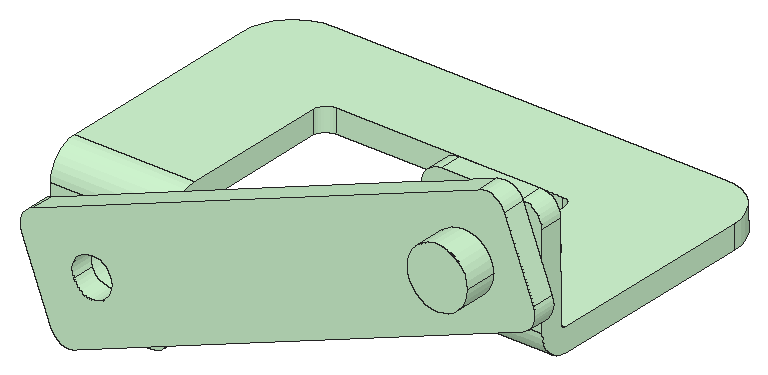
Revit family "ハンガーロック", category 機械設備, Revit 2020
Family settings
  丸型コネクタ寸法 = 直径を使用
  種別 = なし
  パーツ タイプ = 標準
  作業面ベース = いいえ
  常に垂直 = はい
  ロード時にボイドで切り取り = いいえ
  共有 = いいえ
  部屋計算ポイント = いいえ
Parameters
  製造元 = "株式会社桐井製作所"
  既定の高さ = 0 mm
  URL = "https://www.kirii.co.jp/"
  K_品名 = "ハンガーロック"
  K_名称 = "耐震補強金具"
  K_入数 = "300"
  K_備考 = "許容荷重：JISハンガー2000N、一般ハンガー1000N"
  K_バージョン情報 = "20211012"
Reference planes
  plane 1 "中心(正面/背面)": y = 0
  plane 2: z = 0
  plane 3 "中心(左/右)": x = 0
Forms (mm)
  Extrusion 1, solid
    sketch origin (0.007, 0, 2.288) x (0, 1, 0) y (0.000846, 0, -1)
      loop
        line (-2.3, 14.3) -> (-2.3, 3)
        arc (-2.3, 3) -> (-1.421, 0.879) -> (0.7, 0) r 3
        line (0.7, 0) -> (26.7, 0) -> (26.7, 2.3) -> (0.7, 2.3)
        arc (0.7, 2.3) -> (0.205, 2.505) -> (0, 3) r 0.7
        line (0, 3) -> (0, 14.3) -> (-2.3, 14.3)
    from -24.5 to 24.5
  Extrusion 2, void
    sketch origin (0.007, 0, 2.288) x (-1, 0, -0.000846) y (0, 1, 0)
      loop
        arc (-11.25, 16.7) -> (-12.134, 16.334) -> (-12.5, 15.45) r 1.25
        line (-12.5, 15.45) -> (-12.5, 0.7) -> (-24.5, 0.7) -> (-24.5, -2.3) -> (12.5, -2.3) -> (12.5, 15.45)
        arc (12.5, 15.45) -> (12.134, 16.334) -> (11.25, 16.7) r 1.25
        line (11.25, 16.7) -> (-11.25, 16.7)
    from -1.442 to 14.3
  Extrusion 3, solid
    sketch origin (0.007, 0, 2.288) x (0, 1, 0) y (0.000846, 0, -1)
      loop
        line (0.7, 0) -> (0.7, 2.3)
        arc (0.7, 2.3) -> (-1.421, 1.421) -> (-2.3, -0.7) r 3
        line (-2.3, -0.7) -> (-2.3, -12) -> (0, -12) -> (0, -0.7)
        arc (0, -0.7) -> (0.205, -0.205) -> (0.7, 0) r 0.7
    from -24.5 to -12.5
  Extrusion 4, void
    sketch origin (0.007, 0, 2.288) x (-1, 0, -0.000846) y (0, 1, 0)
      loop
        line (-19.5, 26.7) -> (-24.5, 26.7) -> (-24.5, 21.7)
        arc (-24.5, 21.7) -> (-23.036, 25.236) -> (-19.5, 26.7) r 5
      loop
        line (24.5, 21.7) -> (24.5, 26.7) -> (19.5, 26.7)
        arc (19.5, 26.7) -> (23.036, 25.236) -> (24.5, 21.7) r 5
    from 0 to 2.3
  Extrusion 5, void
    sketch origin (0.007, 0, 2.288) x (-1, 0, -0.000846) y (0.000846, 0, -1)
      loop
        circle (18.5, 8.3) r 3
      loop
        circle (-18.5, -6) r 2.75
    from 0 to 2.3
  Extrusion 6, void
    sketch origin (0.007, 0, 2.288) x (-1, 0, -0.000846) y (0.000846, 0, -1)
      loop
        arc (12.5, 12.3) -> (13.086, 13.714) -> (14.5, 14.3) r 2
        line (14.5, 14.3) -> (12.5, 14.3) -> (12.5, 12.3)
      loop
        arc (22.5, 14.3) -> (23.914, 13.714) -> (24.5, 12.3) r 2
        line (24.5, 12.3) -> (24.5, 14.3) -> (22.5, 14.3)
      loop
        arc (-12.5, -10) -> (-13.086, -11.414) -> (-14.5, -12) r 2
        line (-14.5, -12) -> (-12.5, -12) -> (-12.5, -10)
      loop
        arc (-22.5, -12) -> (-23.914, -11.414) -> (-24.5, -10) r 2
        line (-24.5, -10) -> (-24.5, -12) -> (-22.5, -12)
    from 0 to 2.3
  Extrusion 7, solid
    sketch origin (11.345, -2.3, -101.886) x (-0.932357, 0, -0.361538) y (0.361538, 0, -0.932357)
      loop
        line (-2.84, -94.161) -> (-50.51, -94.161)
        arc (-50.51, -94.161) -> (-51.924, -94.746) -> (-52.51, -96.161) r 2
        line (-52.51, -96.161) -> (-52.51, -104.161)
        arc (-52.51, -104.161) -> (-51.924, -105.575) -> (-50.51, -106.161) r 2
        line (-50.51, -106.161) -> (-2.84, -106.161)
        arc (-2.84, -106.161) -> (-1.426, -105.575) -> (-0.84, -104.161) r 2
        line (-0.84, -104.161) -> (-0.84, -96.161)
        arc (-0.84, -96.161) -> (-1.426, -94.746) -> (-2.84, -94.161) r 2
    from 0 to 2.3
  Extrusion 8, void
    sketch origin (11.345, -2.3, -101.886) x (-0.932357, 0, -0.361538) y (0.361538, 0, -0.932357)
      loop
        circle (-6.84, -100.161) r 2
    from 0 to 2.3
  Extrusion 9, void
    sketch origin (-27.924, -2.3, -91.884) x (-1, 0, -0.000846) y (0.000846, 0, -1)
      loop
        circle (-46.51, -100.161) r 2.75
    from 0 to 2.3
  Extrusion 10, solid
    sketch origin (-27.82, -2.3, -91.78) x (-1, 0, -0.000846) y (-0.000846, 0, 1)
      loop
        circle (-46.406, 100.045) r 4.6
    from 2.3 to 4.1
  Extrusion 11, solid
    sketch origin (-27.924, -4.6, -91.884) x (-1, 0, -0.000846) y (-0.000846, 0, 1)
      loop
        circle (-46.51, 100.161) r 3
    from -3.2 to 0
Cuts and joins
  Extrusion 2, Extrusion 4, Extrusion 5, Extrusion 6 cuts Extrusion 1
  Extrusion 4, Extrusion 5, Extrusion 6 cuts Extrusion 3
  joined: Extrusion 1, Extrusion 3
  Extrusion 8, Extrusion 9 cuts Extrusion 7
Dimensions and locks
  aligned and locked: level to plane 2
